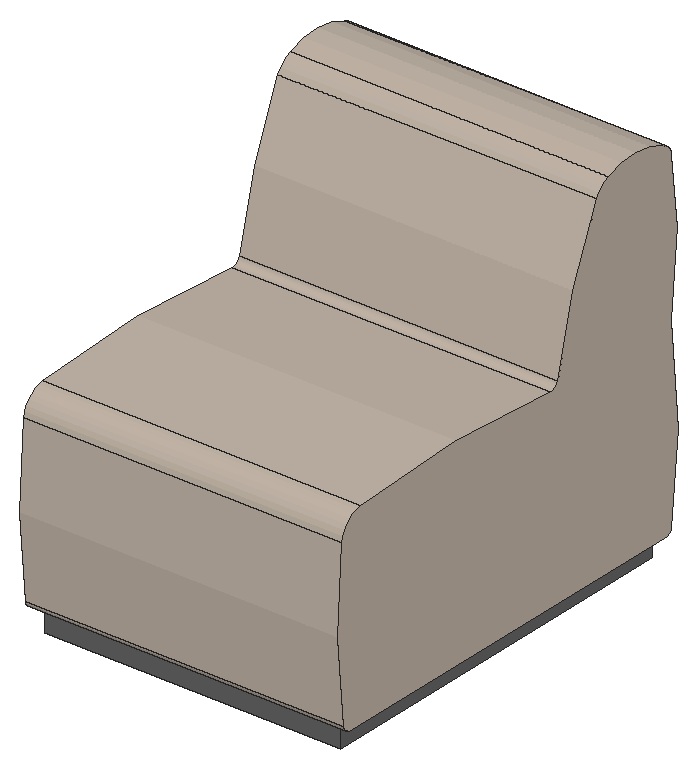
Revit family "FU_Modular_Pau 1010TA", category Furniture, Revit 2020
Family settings
  OmniClass Number = 23.40.20.00
  OmniClass Title = General Furniture and Specialties
  Work Plane-Based = No
  Always vertical = Yes
  Cut with Voids When Loaded = No
  Shared = No
  Room Calculation Point = No
Parameters (values of type "PAU 1010TA")
  Width = 600 mm
  URL = "https://www.sandlerseating.com/product/pau1010ta/"
  Seat [instance] = Fabric - Gravity - Wheat CPC21
  Model = "PAU1010TA"
  Manufacturer = "Sandler"
  Height = 720 mm
  Description = "Upholstered modular seat with backrest. Width 60cm."
  Depth = 800 mm
  Default Elevation = 0 mm
  Base [instance] = Lacquer - W1 - B00 Black
Reference planes
  plane 1 "Center (Front/Back)": y = 0
  plane 2: z = 0
  plane 3 "Center (Left/Right)": x = 0
  plane 4 "Right": x = -300
  plane 5 "Left": x = 300
  plane 6 "Back": y = 400
  plane 7 "Front": y = -400
  plane 8 "Height": z = 720
  plane 9 "Seat height": z = 420
  plane 10 "Base Right": x = -279.111
  plane 11 "Base Back": y = 366.687
  plane 12 "Base Left": x = 278.588
  plane 13 "Base Front": y = -366.901
  plane 14 "Base Top": z = 40
Forms (mm)
  Extrusion 1, solid, material "Lacquer - W1 - B00 Black" <- "Base"
    sketch origin (0, 0, 0) x (1, 0, 0) y (0, 1, 0)
      loop
        line (-279.111, 366.687) -> (-279.111, -366.901) -> (278.588, -366.901) -> (278.588, 366.687) -> (-279.111, 366.687)
    from 0 to 40
  Extrusion 2, solid, material "Fabric - Gravity - Wheat CPC21" <- "Seat"
    sketch origin (0, 0, 0) x (0, 1, 0) y (0, 0, 1)
      loop
        arc (-347.109, 408.238) -> (-376.551, 394.157) -> (-391.033, 364.911) r 50
        arc (-391.033, 364.911) -> (-399.905, 208.642) -> (-386.679, 52.681) r 1108.576
        arc (-386.679, 52.681) -> (-381.612, 43.603) -> (-371.859, 40) r 15
        line (-371.859, 40) -> (374.029, 40)
        arc (374.029, 40) -> (380.395, 42.288) -> (383.848, 48.104) r 10
        arc (383.848, 48.104) -> (399.882, 210.98) -> (385.633, 374.022) r 884.51
        arc (385.633, 374.022) -> (383.344, 399.87) -> (385.795, 425.704) r 142.036
        arc (385.795, 425.704) -> (397.5, 553.207) -> (385.031, 680.637) r 678.162
        arc (385.031, 680.637) -> (378.627, 694.761) -> (366.547, 704.486) r 33.492
        arc (366.547, 704.486) -> (302.388, 719.935) -> (237.455, 708.154) r 159.868
        arc (237.455, 708.154) -> (220.834, 697.678) -> (208.813, 682.137) r 56.417
        arc (208.813, 682.137) -> (152.848, 552.661) -> (116.957, 416.25) r 936.801
        arc (116.957, 416.25) -> (111.022, 406.829) -> (100.228, 404.095) r 15
        arc (100.228, 404.095) -> (-123.313, 419.929) -> (-347.109, 408.238) r 1824.42
    from -300 to 300
Dimensions and locks
  equal spacing: plane 4 "Right", plane 3 "Center (Left/Right)", plane 5 "Left"
  "Width": plane 4 "Right" to plane 5 "Left"
  equal spacing: plane 6 "Back", plane 1 "Center (Front/Back)", plane 7 "Front"
  "Depth": plane 6 "Back" to plane 7 "Front"
  "Height": plane 8 "Height" to level
  plane 9 "Seat height" to level = 420 mm
  locked: plane 6 "Back" to plane 11 "Base Back" at 33.313
  locked: plane 4 "Right" to plane 10 "Base Right" at 20.889
  locked: plane 12 "Base Left" to plane 5 "Left" at 21.412
  locked: plane 13 "Base Front" to plane 7 "Front" at 33.099
  aligned and locked: level to plane 2
  aligned and locked: plane 11 "Base Back" to Extrusion 1 sketch curve
  aligned and locked: Extrusion 1 sketch curve to plane 10 "Base Right"
  aligned and locked: plane 13 "Base Front" to Extrusion 1 sketch curve
  aligned and locked: Extrusion 1 sketch curve to plane 12 "Base Left"
  aligned and locked: plane 4 "Right" to Extrusion 2
  aligned and locked: Extrusion 2 to plane 5 "Left"
Automatic sketch dimensions
  plane 14 "Base Top" to Extrusion 2 sketch curve = 0 mm
  Extrusion 2 sketch curve to plane 7 "Front" = 84.615 mm
  Extrusion 2 sketch curve to plane 13 "Base Front" = 4.958 mm
  plane 13 "Base Front" to Extrusion 2 sketch curve = 25.463 mm
  plane 13 "Base Front" to Extrusion 2 sketch curve = 86.242 mm
  plane 1 "Center (Front/Back)" to Extrusion 2 sketch curve = 140.209 mm
  Extrusion 2 sketch curve to plane 9 "Seat height" = 1.036 mm
  Extrusion 2 sketch curve to plane 1 "Center (Front/Back)" = 102.204 mm
  plane 11 "Base Back" to Extrusion 2 sketch curve = 107.92 mm
  plane 11 "Base Back" to Extrusion 2 sketch curve = 68.841 mm
  plane 11 "Base Back" to Extrusion 2 sketch curve = 14.533 mm
  Extrusion 2 sketch curve to plane 11 "Base Back" = 7.342 mm
  Extrusion 2 sketch curve to plane 9 "Seat height" = 20.575 mm
  plane 6 "Back" to Extrusion 2 sketch curve = 125.379 mm
  Extrusion 2 sketch curve to Extrusion 2 sketch curve = 183.184 mm
  Extrusion 2 sketch curve to Extrusion 2 sketch curve = 329.735 mm
  Extrusion 2 sketch curve to level = 1404.412 mm
  Extrusion 2 sketch curve to plane 14 "Base Top" = 10 mm
  Extrusion 2 sketch curve to plane 14 "Base Top" = 15 mm
  Extrusion 2 sketch curve to plane 14 "Base Top" = 175.825 mm
  Extrusion 2 sketch curve to plane 14 "Base Top" = 184.101 mm
  Extrusion 2 sketch curve to plane 9 "Seat height" = 173.236 mm
  Extrusion 2 sketch curve to plane 9 "Seat height" = 61.44 mm
  plane 9 "Seat height" to Extrusion 2 sketch curve = 131.174 mm
  plane 9 "Seat height" to Extrusion 2 sketch curve = 140.132 mm
  Extrusion 2 sketch curve to plane 8 "Height" = 64.082 mm
  Extrusion 2 sketch curve to plane 8 "Height" = 45.757 mm
  plane 7 "Front" to Extrusion 2 sketch curve = 8.967 mm
  Extrusion 2 sketch curve to Extrusion 2 sketch curve = 0 mm  (x10)
